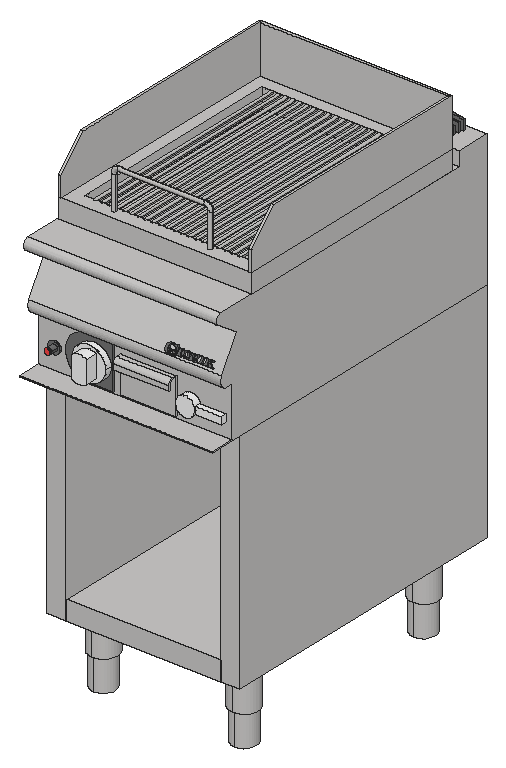
Revit family "QF_GIORIK_GL72GV", category Specialty Equipment, Revit 2014
Parameters (values of type "GL72GV")
  Weight in Pounds = 165.3465
  Waste Water Discharge Temperature [instance] = 0 °C
  URL Cutsheet = "www.giorik.com"
  URL = "www.giorik.com"
  Status [instance] = ""
  Specification by User [instance] = ""
  Specification by Manufacturer = ""
  Show Logo [instance] = yes
  Show Clearance [instance] = yes
  Serial Number = ""
  Seismic Rating = ""
  SMACNA No = ""
  Revision Code [instance] = ""
  Plumbing Remarks [instance] = ""
  Plumbing Connection Type [instance] = ""
  NAFEM Spec ID Number = ""
  Model = "GL72GV"
  Masterspec = ""
  Manufacturer = "GIORIK"
  Item Number [instance] = ""
  Installed By [instance] = ""
  Indirect Waste Size = 3/4"
  Indirect Waste Flow = 0.0 L/s
  Indirect Waste Connection Type [instance] = ""
  Indirect Waste Connection Height [instance] = 150 mm
  Identify Quantity as Lot [instance] = no
  Gas Size = 1"
  Gas RI Height [instance] = 0 mm
  Gas KW = 8.5
  Gas Input = 8500 W
  Gas Connection Height [instance] = 150 mm
  Furnished By [instance] = ""
  Foodservice Equipment Identifier [instance] = yes
  Description = "AQUA GRILL"
  Cold Water Temperature Recommended = 0 °C
  Cold Water Size = 1/2"
  Cold Water RI Height [instance] = 150 mm
  Cold Water Minimum Pressure = 20000.0 Pa
  Cold Water Maximum Pressure = 50000.0 Pa
  Cold Water Flow [instance] = 0.0 L/s
  Cold Water Consumption [instance] = ""
  Cold Water Connection Height [instance] = 150 mm
  CSI MasterFormat = ""
  Assembly Code = "E1090320"
Reference planes
  plane 1 "Back": y = 0
  plane 2: z = 0
  plane 3 "Left": x = 0
  plane 4 "Right": x = 400
  plane 5 "Front": y = -720
  plane 6 "Top": z = 900
Forms (mm)
  Extrusion 1, solid, visible <- "Show Logo"
    sketch origin (186.604, -708.674, 717.684) x (-1, 0, 0) y (0, 0.515038, 0.857167)
      loop
        line (-118.824, 58.358) -> (-127.804, 58.358) -> (-125.523, 56.445) -> (-125.523, 48.027) -> (-127.804, 46.113) -> (-118.824, 46.113) -> (-121.105, 48.027) -> (-121.105, 56.445) -> (-118.824, 58.358)
      loop
        line (-163.721, 58.358) -> (-172.7, 58.358) -> (-170.42, 56.445) -> (-170.42, 48.027) -> (-172.7, 46.113) -> (-163.721, 46.113) -> (-166.001, 48.027) -> (-166.001, 56.445) -> (-163.721, 58.358)
      loop
        line (-174.332, 58.358) -> (-183.312, 58.358) -> (-181.031, 56.445) -> (-181.031, 52.435) -> (-186.419, 56.955) -> (-184.416, 58.358) -> (-191.268, 58.358) -> (-188.01, 56.839) -> (-185.455, 54.283) -> (-190.846, 47.858) -> (-193.396, 46.93) -> (-193.396, 46.113) -> (-184.416, 46.113) -> (-185.437, 47.571) -> (-182.443, 51.552) -> (-181.031, 50.894) -> (-181.031, 48.027) -> (-183.312, 46.113) -> (-174.332, 46.113) -> (-176.613, 48.027) -> (-176.613, 56.445) -> (-174.332, 58.358)
      loop
        line (-115.429, 62.063) -> (-115.429, 54.198)
        arc (-115.429, 54.198) -> (-111.618, 57.803) -> (-106.847, 59.986) r 16.039
        arc (-106.847, 59.986) -> (-103.314, 59.837) -> (-100.512, 57.68) r 5.851
        arc (-100.512, 57.68) -> (-98.815, 52.267) -> (-100.512, 46.853) r 9.479
        arc (-100.512, 46.853) -> (-102.406, 44.986) -> (-104.846, 43.93) r 7.236
        arc (-104.846, 43.93) -> (-107.728, 44.111) -> (-110.052, 45.825) r 5.11
        line (-110.052, 45.825) -> (-110.052, 52.001) -> (-116.141, 52.001) -> (-116.141, 45.503) -> (-117.893, 43.751) -> (-114.094, 44.769)
        arc (-114.094, 44.769) -> (-112.56, 44.947) -> (-111.129, 44.366) r 3.115
        arc (-111.129, 44.366) -> (-104.216, 42.091) -> (-97.303, 44.366) r 11.641
        arc (-97.303, 44.366) -> (-93.396, 52.107) -> (-97.303, 59.849) r 9.622
        arc (-97.303, 59.849) -> (-104.369, 62.174) -> (-111.435, 59.849) r 11.898
        line (-111.435, 59.849) -> (-115.429, 62.063)
      loop
        arc (-129.234, 56.068) -> (-135.893, 58.628) -> (-142.552, 56.068) r 9.941
        arc (-142.552, 56.068) -> (-144.234, 52.286) -> (-142.552, 48.505) r 5.093
        arc (-142.552, 48.505) -> (-135.893, 45.945) -> (-129.234, 48.505) r 9.941
        arc (-129.234, 48.505) -> (-127.552, 52.286) -> (-129.234, 56.068) r 5.093
      loop
        arc (-132.628, 54.403) -> (-135.893, 57.668) -> (-139.158, 54.403) r 3.265
        line (-139.158, 54.403) -> (-139.158, 50.169)
        arc (-139.158, 50.169) -> (-135.893, 46.904) -> (-132.628, 50.169) r 3.265
        line (-132.628, 50.169) -> (-132.628, 54.403)
      loop
        arc (-156.363, 58.365) -> (-159.647, 55.081) -> (-156.363, 51.796) r 3.285
        line (-156.363, 51.796) -> (-159.529, 47.306) -> (-162.087, 46.113) -> (-155.847, 46.113) -> (-153.529, 51.083) -> (-150.637, 51.083) -> (-150.637, 47.784) -> (-153.022, 46.113) -> (-144.011, 46.113) -> (-146.094, 47.68) -> (-146.094, 56.493) -> (-144.229, 58.365) -> (-156.363, 58.365)
      loop
        line (-150.637, 57.512) -> (-153.637, 57.512)
        arc (-153.637, 57.512) -> (-156.237, 54.912) -> (-153.637, 52.312) r 2.6
        line (-153.637, 52.312) -> (-150.637, 52.312) -> (-150.637, 57.512)
      loop
        line (-108.924, 52.001) -> (-104.936, 49.005) -> (-100.948, 52.001) -> (-108.924, 52.001)
    from 1.5 to -0.5
  Extrusion 2, solid
    sketch origin (-16, 1025.81, 0) x (1, 0, 0) y (0, 1, 0)
      loop
        line (25, -1086.81) -> (25, -1156.81) -> (115, -1156.81) -> (115, -1086.81) -> (25, -1086.81)
    from 148 to 150
  Extrusion 3, solid
    sketch origin (-4, 0, 130) x (1, 0, 0) y (0, 1, 0)
      loop
        circle (54, -385) r 12.5
    from 0 to 20
  Extrusion 4, solid
    sketch origin (0, 1000, -20) x (0, 1, 0) y (0, 0, 1)
      loop
        line (-1000, 919.988) -> (-1070, 919.988) -> (-1070, 889.988) -> (-1688.806, 889.988)
        arc (-1688.806, 889.988) -> (-1699.151, 883.075) -> (-1696.724, 870.873) r 11.197
        line (-1696.724, 870.873) -> (-1647.575, 836.458) -> (-1686.203, 772.171)
        arc (-1686.203, 772.171) -> (-1687.435, 755.768) -> (-1675, 745) r 18.302
        line (-1675, 745) -> (-1660, 745) -> (-1660, 640) -> (-1000, 640) -> (-1000, 919.988)
    from 0 to 400
  Extrusion 5, solid
    sketch origin (0, 0, 599.536) x (1, 0, 0) y (0, 1, 0)
      loop
        line (0, -640) -> (40, -640) -> (40, -40) -> (360, -40) -> (360, -640) -> (400, -640) -> (400, 0) -> (0, 0) -> (0, -640)
    from -449.536 to 20.464
  Extrusion 6, solid
    sketch origin (0, 0, 0) x (1, 0, 0) y (0, 1, 0)
      loop
        line (40, -40) -> (40, -640) -> (360, -640) -> (360, -40) -> (40, -40)
    from 150 to 190
  Extrusion 7, solid
    sketch origin (-16, 560.81, 0) x (1, 0, 0) y (0, 1, 0)
      loop
        line (25, -1086.81) -> (25, -1156.81) -> (115, -1156.81) -> (115, -1086.81) -> (25, -1086.81)
    from 148 to 150
  Revolve 8, solid
    sketch origin (54, 560.81, 0) x (0, 1, 0) y (0, 0, 1)
      loop
        line (-1092.56, 66) -> (-1092.56, 148) -> (-1121.81, 148) -> (-1121.81, 0) -> (-1096.81, 0) -> (-1096.81, 66) -> (-1092.56, 66)
      axis (-1121.81, 0) -> (-1121.81, 148)
    angle from 0 to 360
  Revolve 9, solid
    sketch origin (54, 1025.81, 0) x (0, 1, 0) y (0, 0, 1)
      loop
        line (-1092.56, 66) -> (-1092.56, 148) -> (-1121.81, 148) -> (-1121.81, 0) -> (-1096.81, 0) -> (-1096.81, 66) -> (-1092.56, 66)
      axis (-1121.81, 0) -> (-1121.81, 148)
    angle from 0 to 360
  Extrusion 10, solid
    sketch origin (416, 560.81, 0) x (-1, 0, 0) y (0, -1, 0)
      loop
        line (25, 1086.81) -> (115, 1086.81) -> (115, 1156.81) -> (25, 1156.81) -> (25, 1086.81)
    from 148 to 150
  Revolve 11, solid
    sketch origin (346, 560.81, 0) x (0, 1, 0) y (0, 0, -1)
      loop
        line (-1092.56, -66) -> (-1096.81, -66) -> (-1096.81, 0) -> (-1121.81, 0) -> (-1121.81, -148) -> (-1092.56, -148) -> (-1092.56, -66)
      axis (-1121.81, 0) -> (-1121.81, -148)
    angle from 0 to 360
  Extrusion 12, solid
    sketch origin (416, -1217.81, 0) x (-1, 0, 0) y (0, -1, 0)
      loop
        line (25, -1086.81) -> (25, -1156.81) -> (115, -1156.81) -> (115, -1086.81) -> (25, -1086.81)
    from 148 to 150
  Revolve 13, solid
    sketch origin (346, -1217.81, 0) x (0, -1, 0) y (0, 0, 1)
      loop
        line (-1092.56, 66) -> (-1092.56, 148) -> (-1121.81, 148) -> (-1121.81, 0) -> (-1096.81, 0) -> (-1096.81, 66) -> (-1092.56, 66)
      axis (-1121.81, 0) -> (-1121.81, 148)
    angle from 0 to 360
  Extrusion 14, solid
    sketch origin (-308.221, -612, -51.25) x (1, 0, 0) y (0, 0, 1)
      loop
        line (463.221, 676.25) -> (463.221, 766.25) -> (409.698, 766.25)
        arc (409.698, 766.25) -> (364.698, 721.25) -> (409.698, 676.25) r 45
        line (409.698, 676.25) -> (463.221, 676.25)
    from 48 to 50
  Extrusion 15, solid
    sketch origin (466.331, -660.641, -51.634) x (-1, 0, 0) y (0, -0.000888, -1)
      loop
        circle (351.331, -721.346) r 35
    from 0 to 15
  Extrusion 16, solid
    sketch origin (466.331, -660.641, -51.634) x (-1, 0, 0) y (0, -0.000888, -1)
      loop
        arc (336.331, -743.846) -> (351.331, -748.846) -> (366.331, -743.846) r 25
        line (366.331, -743.846) -> (366.331, -698.846)
        arc (366.331, -698.846) -> (351.331, -693.846) -> (336.331, -698.846) r 25
        line (336.331, -698.846) -> (336.331, -743.846)
    from 15 to 40
  Extrusion 17, solid
    sketch origin (-94, 0, -10.001) x (1, 0, 0) y (0, 0, 1)
      loop
        line (135, 909.989) -> (453, 909.989) -> (453, 925.527) -> (347.056, 931.749) -> (240.944, 931.749) -> (135, 925.527) -> (135, 909.989)
    from 32 to 35
  Extrusion 18, solid
    sketch origin (-92, 10, -10.001) x (1, 0, 0) y (0, 0, 1)
      loop
        line (454, 909.989) -> (454, 928.527) -> (346.162, 939.193) -> (237.838, 939.193) -> (130, 928.527) -> (130, 909.989) -> (454, 909.989)
    from 32 to 35
  Extrusion 19, solid
    sketch origin (-90, 20, -10.001) x (1, 0, 0) y (0, 0, 1)
      loop
        line (455, 909.989) -> (455, 930.527) -> (345.396, 947.413) -> (234.604, 947.413) -> (125, 930.527) -> (125, 909.989) -> (455, 909.989)
    from 32 to 35
  Extrusion 20, solid
    sketch origin (0, 0, 0) x (0, 1, 0) y (0, 0, 1)
      loop
        line (-90, 909.988) -> (-90, 1009.988) -> (-551.877, 1009.988) -> (-610, 951.864) -> (-610, 909.988) -> (-90, 909.988)
    from 0 to 5
  Extrusion 21, solid
    sketch origin (0, -90, 0) x (1, 0, 0) y (0, 0, 1)
      loop
        line (5, 1009.988) -> (5, 909.988) -> (395, 909.988) -> (395, 1009.988) -> (5, 1009.988)
    from 0 to 5
  Sweep 22, solid
    path origin (32.128, -587.463, 1856.207) x (0, 0, 1) y (-1, 0, 0)
      loop
        line (-946.207, -65.372) -> (-876.207, -65.372)
        arc (-876.207, -65.372) -> (-869.136, -68.301) -> (-866.207, -75.372) r 10
        line (-866.207, -75.372) -> (-866.207, -255.372)
        arc (-866.207, -255.372) -> (-869.136, -262.443) -> (-876.207, -265.372) r 10
        line (-876.207, -265.372) -> (-946.207, -265.372)
    profile origin (97.5, -587.463, 945) x (-1, 0, 0) y (0, -1, 0)
      loop
        circle (0, 0) r 4
  Extrusion 23, solid
    sketch origin (666.331, -660, -61.247) x (-1, 0, 0) y (0, 0, -1)
      loop
        circle (351.331, -721.221) r 20
    from 0 to 15
  Extrusion 24, solid
    sketch origin (35, -664, -62.044) x (1, 0, 0) y (0, 0, 1)
      loop
        line (275.18, 729.518) -> (275.18, 714.518) -> (355.18, 714.518) -> (355.18, 729.518) -> (275.18, 729.518)
    from 0 to 10
  Extrusion 25, solid
    sketch origin (32.347, -700, 59.9) x (0, 1, 0) y (0, 0, 1)
      loop
        line (40, 640.1) -> (30, 640.1)
        arc (30, 640.1) -> (22.929, 637.171) -> (20, 630.1) r 10
        line (20, 630.1) -> (20, 620.1) -> (22, 620.1) -> (22, 630.1)
        arc (22, 630.1) -> (24.343, 635.757) -> (30, 638.1) r 8
        line (30, 638.1) -> (38, 638.1) -> (38, 565.1) -> (40, 565.1) -> (40, 640.1)
    from 137.5 to 252.5
  Extrusion 26, solid
    sketch origin (0, 0, 100) x (0, 1, 0) y (-1, 0, 0)
      loop
        circle (-185, -308) r 9.3
    from 30 to 50
  Extrusion 27, solid
    sketch origin (32, -293, 100) x (0, 1, 0) y (-1, 0, 0)
      loop
        circle (-185, -308) r 6.5
    from 30 to 50
  Extrusion 28, solid
    sketch origin (0, 0, 900) x (0, 1, 0) y (-1, 0, 0)
      loop
        line (-90, 0) -> (-610, 0) -> (-610, -400) -> (-90, -400) -> (-90, 0)
      loop
        line (-120, -30) -> (-580, -30) -> (-580, -370) -> (-120, -370) -> (-120, -30)
    from -30.012 to 9.988
  Extrusion 29, solid
    sketch origin (0, 0, 0) x (1, 0, 0) y (0, 0, 1)
      loop
        circle (50, 906.988) r 3
    from 120 to 580
  Extrusion 30, solid
    sketch origin (15, 0, 0) x (1, 0, 0) y (0, 0, 1)
      loop
        circle (50, 906.988) r 3
    from 120 to 580
  Extrusion 31, solid
    sketch origin (30, 0, 0) x (1, 0, 0) y (0, 0, 1)
      loop
        circle (50, 906.988) r 3
    from 120 to 580
  Extrusion 32, solid
    sketch origin (45, 0, 0) x (1, 0, 0) y (0, 0, 1)
      loop
        circle (50, 906.988) r 3
    from 120 to 580
  Extrusion 33, solid
    sketch origin (60, 0, 0) x (1, 0, 0) y (0, 0, 1)
      loop
        circle (50, 906.988) r 3
    from 120 to 580
  Extrusion 34, solid
    sketch origin (75, 0, 0) x (1, 0, 0) y (0, 0, 1)
      loop
        circle (50, 906.988) r 3
    from 120 to 580
  Extrusion 35, solid
    sketch origin (90, 0, 0) x (1, 0, 0) y (0, 0, 1)
      loop
        circle (50, 906.988) r 3
    from 120 to 580
  Extrusion 36, solid
    sketch origin (105, 0, 0) x (1, 0, 0) y (0, 0, 1)
      loop
        circle (50, 906.988) r 3
    from 120 to 580
  Extrusion 37, solid
    sketch origin (120, 0, 0) x (1, 0, 0) y (0, 0, 1)
      loop
        circle (50, 906.988) r 3
    from 120 to 580
  Extrusion 38, solid
    sketch origin (135, 0, 0) x (1, 0, 0) y (0, 0, 1)
      loop
        circle (50, 906.988) r 3
    from 120 to 580
  Extrusion 39, solid
    sketch origin (150, 0, 0) x (1, 0, 0) y (0, 0, 1)
      loop
        circle (50, 906.988) r 3
    from 120 to 580
  Extrusion 40, solid
    sketch origin (165, 0, 0) x (1, 0, 0) y (0, 0, 1)
      loop
        circle (50, 906.988) r 3
    from 120 to 580
  Extrusion 41, solid
    sketch origin (180, 0, 0) x (1, 0, 0) y (0, 0, 1)
      loop
        circle (50, 906.988) r 3
    from 120 to 580
  Extrusion 42, solid
    sketch origin (195, 0, 0) x (1, 0, 0) y (0, 0, 1)
      loop
        circle (50, 906.988) r 3
    from 120 to 580
  Extrusion 43, solid
    sketch origin (210, 0, 0) x (1, 0, 0) y (0, 0, 1)
      loop
        circle (50, 906.988) r 3
    from 120 to 580
  Extrusion 44, solid
    sketch origin (225, 0, 0) x (1, 0, 0) y (0, 0, 1)
      loop
        circle (50, 906.988) r 3
    from 120 to 580
  Extrusion 45, solid
    sketch origin (240, 0, 0) x (1, 0, 0) y (0, 0, 1)
      loop
        circle (50, 906.988) r 3
    from 120 to 580
  Extrusion 46, solid
    sketch origin (255, 0, 0) x (1, 0, 0) y (0, 0, 1)
      loop
        circle (50, 906.988) r 3
    from 120 to 580
  Extrusion 47, solid
    sketch origin (270, 0, 0) x (1, 0, 0) y (0, 0, 1)
      loop
        circle (50, 906.988) r 3
    from 120 to 580
  Extrusion 48, solid
    sketch origin (285, 0, 0) x (1, 0, 0) y (0, 0, 1)
      loop
        circle (50, 906.988) r 3
    from 120 to 580
  Extrusion 49, solid
    sketch origin (300, 0, 0) x (1, 0, 0) y (0, 0, 1)
      loop
        circle (50, 906.988) r 3
    from 120 to 580
  Extrusion 50, solid
    sketch origin (0, -660, 0) x (1, 0, 0) y (0, 0, 1)
      loop
        line (0, 620) -> (400, 620) -> (400, 622) -> (0, 622) -> (0, 620)
    from 0 to 50
  Extrusion 51, solid
    sketch origin (-6.142, -635.246, -47.152) x (1, 0, 0) y (0, 0.000339, 1)
      loop
        circle (38.702, 711.666) r 12.5
    from 25 to 27
  Extrusion 52, solid
    sketch origin (-732.35, -662.248, -53.566) x (1, 0, 0) y (0, 0.000339, 1)
      loop
        circle (764.91, 718.089) r 6
    from 0 to 15
  Extrusion 53, solid
    sketch origin (-732.35, -663.41, -53.565) x (1, 0, 0) y (0, 0.000339, 1)
      loop
        circle (764.91, 718.089) r 6
    from 13.838 to 15.838
  Extrusion 54, solid
    sketch origin (395, 0, 0) x (0, 1, 0) y (0, 0, 1)
      loop
        line (-90, 909.988) -> (-90, 1009.988) -> (-551.877, 1009.988) -> (-610, 951.864) -> (-610, 909.988) -> (-90, 909.988)
    from 0 to 5
Lines and regions (mm)
  symbolic lines, style "200-EquipBorder-2D"
    curve 1: line (0, -720, 0) -> (400, -720, 0)
    curve 2: line (400, -720, 0) -> (400, 0, 0)
    curve 3: line (400, 0, 0) -> (0, 0, 0)
    curve 4: line (0, 0, 0) -> (0, -720, 0)
  symbolic lines, style "200-EquipInternal-2D"
    curve 5: line (0, -70, 900) -> (400, -70, 900)
    curve 6: line (35, -12, 900) -> (365, -12, 900)
    curve 7: line (365, -12, 900) -> (365, -15, 900)
    curve 8: line (365, -15, 900) -> (35, -15, 900)
    curve 9: line (35, -15, 900) -> (35, -12, 900)
    curve 10: line (38, -22, 900) -> (362, -22, 900)
    curve 11: line (362, -22, 900) -> (362, -25, 900)
    curve 12: line (362, -25, 900) -> (38, -25, 900)
    curve 13: line (38, -25, 900) -> (38, -22, 900)
    curve 14: line (41, -32, 900) -> (359, -32, 900)
    curve 15: line (359, -32, 900) -> (359, -35, 900)
    curve 16: line (359, -35, 900) -> (41, -35, 900)
    curve 17: line (41, -35, 900) -> (41, -32, 900)
    curve 18: line (5, -95, 900) -> (395, -95, 900)
    curve 19: line (0, -90, 900) -> (400, -90, 900)
    curve 20: line (400, -90, 900) -> (400, -610, 900)
    curve 21: line (395, -610, 900) -> (395, -95, 900)
    curve 22: line (5, -95, 900) -> (5, -610, 900)
    curve 23: line (0, -610, 900) -> (0, -90, 900)
    curve 24: line (0, -610, 900) -> (400, -610, 900)
    curve 25: line (30, -580, 900) -> (30, -120, 900)
    curve 26: line (370, -120, 900) -> (370, -580, 900)
    curve 27: line (137, -120, 900) -> (137, -580, 900)
    curve 28: line (47, -580, 900) -> (47, -120, 900)
    curve 29: line (53, -580, 900) -> (53, -120, 900)
    curve 30: line (62, -120, 900) -> (62, -580, 900)
    curve 31: line (62, -580, 900) -> (53, -580, 900)
    curve 32: line (47, -580, 900) -> (30, -580, 900)
    curve 33: line (30, -120, 900) -> (47, -120, 900)
    curve 34: line (53, -120, 900) -> (62, -120, 900)
    curve 35: line (68, -120, 900) -> (68, -580, 900)
    curve 36: line (68, -580, 900) -> (77, -580, 900)
    curve 37: line (77, -580, 900) -> (77, -120, 900)
    curve 38: line (77, -120, 900) -> (68, -120, 900)
    curve 39: line (83, -120, 900) -> (92, -120, 900)
    curve 40: line (92, -120, 900) -> (92, -580, 900)
    curve 41: line (92, -580, 900) -> (83, -580, 900)
    curve 42: line (83, -580, 900) -> (83, -120, 900)
    curve 43: line (98, -120, 900) -> (98, -580, 900)
    curve 44: line (98, -580, 900) -> (107, -580, 900)
    curve 45: line (107, -580, 900) -> (107, -120, 900)
    curve 46: line (107, -120, 900) -> (98, -120, 900)
    curve 47: line (113, -120, 900) -> (122, -120, 900)
    curve 48: line (122, -120, 900) -> (122, -580, 900)
    curve 49: line (122, -580, 900) -> (113, -580, 900)
    curve 50: line (113, -580, 900) -> (113, -120, 900)
    curve 51: line (137, -120, 900) -> (128, -120, 900)
    curve 52: line (128, -120, 900) -> (128, -580, 900)
    curve 53: line (128, -580, 900) -> (137, -580, 900)
    curve 54: line (143, -580, 900) -> (143, -120, 900)
    curve 55: line (143, -120, 900) -> (152, -120, 900)
    curve 56: line (152, -120, 900) -> (152, -580, 900)
    curve 57: line (152, -580, 900) -> (143, -580, 900)
    curve 58: line (158, -580, 900) -> (158, -120, 900)
    curve 59: line (158, -120, 900) -> (167, -120, 900)
    curve 60: line (167, -120, 900) -> (167, -580, 900)
    curve 61: line (167, -580, 900) -> (158, -580, 900)
    curve 62: line (173, -580, 900) -> (173, -120, 900)
    curve 63: line (173, -120, 900) -> (182, -120, 900)
    curve 64: line (182, -120, 900) -> (182, -580, 900)
    curve 65: line (182, -580, 900) -> (173, -580, 900)
    curve 66: line (188, -580, 900) -> (188, -120, 900)
    curve 67: line (188, -120, 900) -> (197, -120, 900)
    curve 68: line (197, -120, 900) -> (197, -580, 900)
    curve 69: line (197, -580, 900) -> (188, -580, 900)
    curve 70: line (203, -580, 900) -> (203, -120, 900)
    curve 71: line (203, -120, 900) -> (212, -120, 900)
    curve 72: line (212, -120, 900) -> (212, -580, 900)
    curve 73: line (212, -580, 900) -> (203, -580, 900)
    curve 74: line (218, -580, 900) -> (218, -120, 900)
    curve 75: line (218, -120, 900) -> (227, -120, 900)
    curve 76: line (227, -120, 900) -> (227, -580, 900)
    curve 77: line (227, -580, 900) -> (218, -580, 900)
    curve 78: line (233, -580, 900) -> (233, -120, 900)
    curve 79: line (233, -120, 900) -> (242, -120, 900)
    curve 80: line (242, -120, 900) -> (242, -580, 900)
    curve 81: line (242, -580, 900) -> (233, -580, 900)
    curve 82: line (248, -580, 900) -> (248, -120, 900)
    curve 83: line (248, -120, 900) -> (257, -120, 900)
    curve 84: line (257, -120, 900) -> (257, -580, 900)
    curve 85: line (257, -580, 900) -> (248, -580, 900)
    curve 86: line (263, -580, 900) -> (263, -120, 900)
    curve 87: line (263, -120, 900) -> (272, -120, 900)
    curve 88: line (272, -120, 900) -> (272, -580, 900)
    curve 89: line (272, -580, 900) -> (263, -580, 900)
    curve 90: line (278, -580, 900) -> (278, -120, 900)
    curve 91: line (278, -120, 900) -> (287, -120, 900)
    curve 92: line (287, -120, 900) -> (287, -580, 900)
    curve 93: line (287, -580, 900) -> (278, -580, 900)
    curve 94: line (293, -580, 900) -> (293, -120, 900)
    curve 95: line (293, -120, 900) -> (302, -120, 900)
    curve 96: line (302, -120, 900) -> (302, -580, 900)
    curve 97: line (302, -580, 900) -> (293, -580, 900)
    curve 98: line (308, -580, 900) -> (308, -120, 900)
    curve 99: line (308, -120, 900) -> (317, -120, 900)
    curve 100: line (317, -120, 900) -> (317, -580, 900)
    curve 101: line (317, -580, 900) -> (308, -580, 900)
    curve 102: line (323, -580, 900) -> (323, -120, 900)
    curve 103: line (323, -120, 900) -> (332, -120, 900)
    curve 104: line (332, -120, 900) -> (332, -580, 900)
    curve 105: line (332, -580, 900) -> (323, -580, 900)
    curve 106: line (338, -580, 900) -> (338, -120, 900)
    curve 107: line (338, -120, 900) -> (347, -120, 900)
    curve 108: line (347, -120, 900) -> (347, -580, 900)
    curve 109: line (347, -580, 900) -> (338, -580, 900)
    curve 110: line (353, -580, 900) -> (353, -120, 900)
    curve 111: line (353, -120, 900) -> (370, -120, 900)
    curve 112: line (353, -580, 900) -> (370, -580, 900)
    curve 113: line (97.5, -583.463, 900) -> (297.5, -583.463, 900)
    curve 114: line (297.5, -591.463, 900) -> (97.5, -591.463, 900)
    curve 115: arc (97.5, -583.463, 900) -> (93.5, -587.463, 900) -> (97.5, -591.463, 900) r 4
    curve 116: arc (297.5, -583.463, 900) -> (301.5, -587.463, 900) -> (297.5, -591.463, 900) r 4
Dimensions and locks
  plane 3 "Left" to plane 4 "Right" = 400 mm
  plane 5 "Front" to plane 1 "Back" = 720 mm
  plane 4 "Right" to plane 3 "Left" = 400 mm
  plane 1 "Back" to plane 5 "Front" = 720 mm
  plane 6 "Top" to level = 900 mm  (x2)
  aligned and locked: level to plane 2
Connectors
  piping at (50, -385, 130), diameter 25.4, driven by "Gas Size"
    settings: on Extrusion 3, index 1, connector inside diameter 24", connector length 0 mm, flow factor 0, pipe flow 0.0 L/s, pressure drop 0.0 Pa, fitting loss kfactor 0, connector angle 0.00°, fixture units 0, engagement length 0 mm, angle of deflection 0.00°, flow configuration 1, flow direction 1, fitting loss method 0, system type 22, joint type 0, gender type 0, connector reference index -1, connector utility 0, adjustable connector no, is connector primary yes, connector description "Gas inlet"
  piping at (308, -185, 130), diameter 19.05, driven by "Indirect Waste Size", driven by "Indirect Waste Flow"
    settings: on Extrusion 26, index 2, connector inside diameter 24", connector length 0 mm, flow factor 0, pipe flow 0.0 L/s, pressure drop 0.0 Pa, fitting loss kfactor 0, connector angle 0.00°, fixture units 0, engagement length 0 mm, angle of deflection 0.00°, flow configuration 1, flow direction 2, fitting loss method 0, system type 16, joint type 0, gender type 0, connector reference index -1, connector utility 0, adjustable connector no, is connector primary no, connector description "Drain connection"
  piping at (340, -478, 130), diameter 12.7, driven by "Cold Water Size", driven by "Cold Water Flow"
    settings: on Extrusion 27, index 3, connector inside diameter 24", connector length 0 mm, flow factor 0, pipe flow 0.0 L/s, pressure drop 0.0 Pa, fitting loss kfactor 0, connector angle 0.00°, fixture units 0, engagement length 0 mm, angle of deflection 0.00°, flow configuration 1, flow direction 1, fitting loss method 0, system type 20, joint type 0, gender type 0, connector reference index -1, connector utility 0, adjustable connector no, is connector primary no, connector description "Water inlet"
